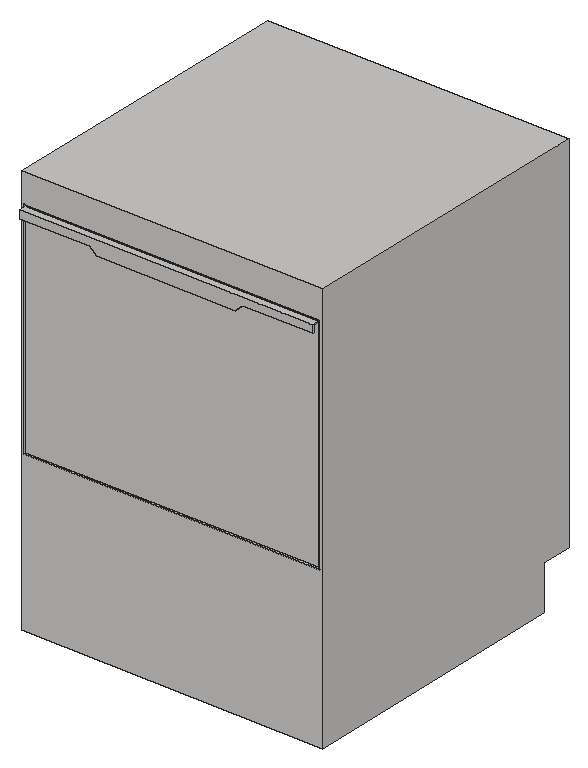
Revit family "QF_ELECTROLUXPROFESSIONAL_400203_EL1L", category Specialty Equipment, Revit 2018
Family settings
  Round Connector Dimension = Use Diameter
  Part Type = Normal
  Work Plane-Based = No
  Always vertical = Yes
  Cut with Voids When Loaded = No
  Shared = No
  Room Calculation Point = No
Parameters (values of type "Standard")
  Weight = 47.00 kg
  Watts = 0 W
  Volts = 230 V
  URL Manufacturer = "http://professional.electrolux.com"
  URL = "http://professional.electrolux.com"
  Steam Supply Size = 0 mm
  Steam Supply Minimum Pressure = 0.0 Pa
  Steam Supply Maximum Pressure = 0.0 Pa
  Steam Pounds per Hour = 0
  Show Logo [instance] = yes
  Show Clearance [instance] = yes
  Refrigeration Suction Line Size = 0 mm
  Refrigeration Liquid Line Size = 0 mm
  Refrigerant Compressor Remote = yes
  Manufacturer = "Electrolux Professional"
  Phase = 1
  Model = "EL1L"
  Length Actual = 600 mm  # constant formula
  Item Number = "400203"
  Hot Water Size = 19.05 mm
  Height Actual = 820 mm  # constant formula
  HP = "4.9 HP"
  Gas Size = 0 mm
  Gas KW = 0
  Gas Input Pressure = 0 W
  Direct Waste Size = 40 mm
  Description = "UNDERCOUNTER(L), 1PH, 316L BOILER, 540D/H"
  Depth Actual = 648 mm  # constant formula
  Cycle = 50 Hz
  Condensate Return Size = 0 mm
  Compressed Air Volume = 0.0 L/s
  Compressed Air Size = 0 mm
  Compressed Air Pressure = 0.0 Pa
  Cold Water Size = 0 mm
  Accessory = yes
Types (2, lengths in mm): name | URL | Manufacturer | Phase | Model | Hot Water Size | Description
  (no name) | "http://professional.electrolux.com/" | 0 | 0 | 0 | 0 | 0
  Standard | "http://professional.electrolux.com" | "Electrolux Professional" | 1 | "EL1L" | 19.05 | "UNDERCOUNTER(L), 1PH, 316L BOILER, 540D/H"
Values of the unnamed type that differ from the named types
  Volts = 0 V
  URL Manufacturer = ""
  Item Number = ""
  Cycle = 0 Hz
Reference planes
  plane 1 "Center (Front/Back)": y = 0
  plane 2: z = 0
  plane 3 "Center (Left/Right)": x = 0
  plane 4 "LEFT": x = -300
  plane 5 "RIGHT": x = 300
  plane 6 "FRONT": y = -306
  plane 7 "BACK": y = 306
  plane 8: x = -202.5
  plane 9: x = 202.5
  plane 10: z = 830
  plane 11: z = 10
Forms (mm)
  Extrusion 1, solid, material "QF_Finishes_Stainless Steel"
    sketch origin (0, 0, 0) x (1, 0, 0) y (0, 1, 0)
      loop
        line (-300, -306) -> (300, -306) -> (300, 245) -> (-300, 245) -> (-300, -306)
    from 10 to 830
  Extrusion 2, solid, material "QF_Finishes_Stainless Steel"
    sketch origin (0, 0, 0) x (1, 0, 0) y (0, 1, 0)
      loop
        line (-300, 245) -> (300, 245) -> (300, 306) -> (-300, 306) -> (-300, 245)
    from 100 to 830
  Extrusion 3, solid, material "QF_Finishes_Stainless Steel"
    sketch origin (0, 17.5, 0) x (1, 0, 0) y (0, 1, 0)
      loop
        circle (-254, 167.5) r 12.5
      loop
        circle (254, 167.5) r 12.5
      loop
        circle (-254, -263.5) r 12.5
      loop
        circle (254, -263.5) r 12.5
    from 0 to 10
  Extrusion 4, void
    sketch origin (-300, -306, 0) x (-1, 0, 0) y (0, 0, 1)
      loop
        line (-5, 773.217) -> (-595, 773.217) -> (-595, 327.335) -> (-5, 327.335) -> (-5, 773.217)
    from 0 to 30
  Extrusion 5, solid, material "QF_Finishes_Stainless Steel"
    sketch origin (-259, -389, 768) x (0, 0, -1) y (1, 0, 0)
      loop
        circle (693, 143) r 10
    from -634 to -695
  Extrusion 6, solid, material "QF_Door-Drawer Clearances", visible <- "Show Clearance", detail levels coarse
    sketch origin (-230, -282.5, 0) x (0, 1, 0) y (0, 0, -1)
      loop
        line (-23.5, -330.419) -> (-391.5, -330.419)
        arc (-391.5, -330.419) -> (-290.693, -619.855) -> (-23.5, -770) r 432.894
        line (-23.5, -770) -> (-23.5, -330.419)
    from 61.197 to -521.306
  Extrusion 7, solid, material "QF_Finishes_Stainless Steel"
    sketch origin (-315.481, -389, 738) x (0, 0, -1) y (1, 0, 0)
      loop
        circle (663, 252.481) r 8
    from -634 to -695
  Extrusion 8, solid, material "QF_Finishes_Stainless Steel"
    sketch origin (-230, -282.5, 0) x (0, 1, 0) y (0, 0, -1)
      loop
        line (-23.5, -330.419) -> (-23.5, -770) -> (1.5, -770) -> (1.5, -330.419) -> (-23.5, -330.419)
    from 61.197 to -521.306
  Extrusion 9, solid, material "QF_Finishes_Stainless Steel"
    sketch origin (-230, -297.5, 0) x (0, 1, 0) y (0, 0, -1)
      loop
        line (-8.5, -770) -> (-8.5, -767.514) -> (-21, -767.514) -> (-21, -741.25) -> (-23.5, -741.25) -> (-23.5, -770) -> (-8.5, -770)
    from 61.197 to -521.306
  Extrusion 10, void
    sketch origin (-230, -321, 770) x (0, 0, 1) y (1, 0, 0)
      loop
        line (-15.552, -61.197) -> (-15.552, 77.909) -> (-28.75, 91.107) -> (-28.75, -61.197) -> (-15.552, -61.197)
      loop
        line (-15.552, 521.197) -> (-28.75, 521.197) -> (-28.75, 368.893) -> (-15.552, 382.091) -> (-15.552, 521.197)
    from 0 to 2.5
  Extrusion 11, solid, material "QF_Finishes_Stainless Steel"
    sketch origin (-295.988, 885.897, 763.79) x (0, -1, 0) y (1, 0, 0)
      loop
        circle (611.5, 158) r 8
    from -663.79 to -673.79
Cuts and joins
  Extrusion 4 cuts Extrusion 1
  joined: Extrusion 1, Extrusion 2
  Extrusion 10 cuts Extrusion 8
  Extrusion 10 cuts Extrusion 9
Lines and regions (mm)
  Split face 1
    outline origin (-300, -306, 830) x (0, 0, -1) y (1, 0, 0)
      loop
        line (21.579, 283.75) -> (39.683, 283.75) -> (39.683, 316.25) -> (21.579, 316.25) -> (21.579, 283.75)
  Split face 2
    outline origin (-300, -306, 830) x (0, 0, -1) y (1, 0, 0)
      loop
        line (56.783, 595) -> (56.783, 600)
      loop
        arc (56.783, 412.5) -> (28.391, 440.891) -> (0, 412.5) r 28.391
  symbolic lines
    curve 1: line (-300, 306, 0) -> (300, 306, 0)
    curve 2: line (-300, -306, 0) -> (-300, 306, 0)
    curve 3: line (300, -306, 0) -> (-300, -306, 0)
    curve 4: line (300, 306, 0) -> (300, -306, 0)
    curve 9: line (-291.197, -306, 0) -> (-291.197, -321, 0)
    curve 10: line (291.306, -321, 0) -> (291.306, -306, 0)
    curve 11: line (-291.197, -321, 0) -> (291.306, -321, 0)
  symbolic lines, style "QF_Door-Drawer Clearances"
    curve 5: line (-291.197, -674, 0) -> (291.306, -674, 0)
    curve 6: line (291.306, -674, 0) -> (291.306, -306, 0)
    curve 7: line (-291.197, -674, 0) -> (-291.197, -306, 0)
  symbolic lines, style "SpecialityEquipmentHiddenLines"
    curve 8: line (-300, 245, 0) -> (300, 245, 0)
Dimensions and locks
  equal spacing: plane 4 "LEFT", plane 3 "Center (Left/Right)", plane 5 "RIGHT"
  equal spacing: plane 7 "BACK", plane 1 "Center (Front/Back)", plane 6 "FRONT"
  plane 7 "BACK" to plane 6 "FRONT" = 612 mm
  plane 4 "LEFT" to plane 5 "RIGHT" = 600 mm
  plane 4 "LEFT" to plane 8 = 97.5 mm
  plane 9 to plane 5 "RIGHT" = 97.5 mm
  plane 11 to level = 10 mm
  plane 4 "LEFT" to plane 3 "Center (Left/Right)" = 300 mm
  plane 10 to level = 830 mm  (x2)
  plane 8 to plane 9 = 405 mm
  Extrusion 11 sketch curve to plane 4 "LEFT" = 162.012 mm
  level to Extrusion 5 sketch curve = 75 mm
  Extrusion 5 sketch curve to plane 4 "LEFT" = 184 mm
  Extrusion 7 sketch curve to plane 4 "LEFT" = 237 mm
  level to Extrusion 7 sketch curve = 75 mm
  Extrusion 3 to cut or joined group of Extrusion 1, Extrusion 2, Extrusion 4 = 121 mm
  Extrusion 3 to Extrusion 3 = 431 mm
  plane 6 "FRONT" to Extrusion 3 = 60 mm
  plane 9 to plane 8 = 405 mm
  plane 7 "BACK" to curve 5 = 980 mm
  cut or joined group of Extrusion 1, Extrusion 2, Extrusion 4 to level = 327.335 mm
  aligned and locked: level to plane 2
  aligned and locked: Extrusion 1 sketch curve to plane 6 "FRONT"
  aligned and locked: Extrusion 1 sketch curve to plane 4 "LEFT"
  aligned and locked: plane 5 "RIGHT" to Extrusion 1 sketch curve
  aligned and locked: Extrusion 1 to plane 11
  aligned and locked: Extrusion 2 sketch curve to Extrusion 1
  aligned and locked: plane 5 "RIGHT" to Extrusion 2 sketch curve
  aligned and locked: plane 11 to Extrusion 3
  aligned and locked: cut or joined group of Extrusion 9, Extrusion 10 to Extrusion 10
Automatic sketch dimensions
  Extrusion 1 sketch curve to plane 7 "BACK" = 61 mm
  Extrusion 3 sketch curve to plane 8 = 51.5 mm  (x2)
  plane 9 to Extrusion 3 sketch curve = 51.5 mm  (x2)
  plane 6 "FRONT" to Extrusion 3 sketch curve = 60 mm  (x2)
  Extrusion 3 sketch curve to plane 7 "BACK" = 121 mm  (x2)
  Extrusion 4 sketch curve to Extrusion 1 = 5 mm  (x2)
  Extrusion 4 sketch curve to Extrusion 1 = 317.335 mm
  Extrusion 4 sketch curve to Extrusion 1 = 56.783 mm
  plane 6 "FRONT" to Extrusion 8 sketch curve = 0 mm
  Extrusion 8 sketch curve to Extrusion 8 sketch curve = 25 mm
  Extrusion 9 sketch curve to plane 6 "FRONT" = 15 mm
  Extrusion 9 sketch curve to Extrusion 9 sketch curve = 2.5 mm
  Extrusion 9 sketch curve to Extrusion 9 sketch curve = 12.5 mm
  Extrusion 9 sketch curve to plane 10 = 60 mm
  Extrusion 9 sketch curve to Extrusion 9 sketch curve = 2.486 mm
  Extrusion 9 sketch curve to Extrusion 9 sketch curve = 26.264 mm
  Extrusion 2 sketch curve to Extrusion 2 sketch curve = 61 mm
  Split face 1 sketch curve to cut or joined group of Extrusion 1, Extrusion 2, Extrusion 4 = 21.579 mm
  Split face 1 sketch curve to Split face 1 sketch curve = 18.104 mm
  Split face 1 sketch curve to cut or joined group of Extrusion 1, Extrusion 2, Extrusion 4 = 278.75 mm
  Split face 1 sketch curve to Split face 1 sketch curve = 32.5 mm
  plane 11 to Extrusion 8 sketch curve = 320.419 mm
  Extrusion 8 sketch curve to plane 10 = 60 mm
  Extrusion 10 sketch curve to Extrusion 9 = 0 mm  (x2)
  Extrusion 9 to Extrusion 10 sketch curve = 0 mm
  Extrusion 10 sketch curve to Extrusion 9 = 13.198 mm  (x2)
  Extrusion 10 sketch curve to Extrusion 9 = 139.107 mm
  Extrusion 10 sketch curve to Extrusion 10 sketch curve = 13.198 mm  (x2)
  Extrusion 10 sketch curve to Extrusion 9 = 152.413 mm
  Extrusion 10 sketch curve to Extrusion 9 = 0.109 mm
  curve 3 to plane 4 "LEFT" = 0 mm
  curve 7 to plane 6 "FRONT" = 0 mm
  curve 4 to plane 5 "RIGHT" = 0 mm
  curve 2 to plane 7 "BACK" = 0 mm
  plane 4 "LEFT" to curve 5 = 8.803 mm
  curve 5 to plane 5 "RIGHT" = 8.694 mm
  plane 4 "LEFT" to curve 11 = 8.803 mm
  curve 10 to plane 5 "RIGHT" = 8.694 mm
  curve 11 to plane 6 "FRONT" = 15 mm
  curve 8 to plane 7 "BACK" = 61 mm
  Extrusion 2 sketch curve to plane 7 "BACK" = 0 mm
  Split face 2 sketch curve to cut or joined group of Extrusion 1, Extrusion 2, Extrusion 4 = 0 mm  (x5)
  Split face 2 sketch curve to cut or joined group of Extrusion 1, Extrusion 2, Extrusion 4 = 182.5 mm
  Extrusion 11 sketch curve to plane 7 "BACK" = 31.603 mm
  Extrusion 6 sketch curve to plane 6 "FRONT" = 0 mm
  plane 6 "FRONT" to Extrusion 6 sketch curve = 64.74 mm
  plane 11 to Extrusion 6 sketch curve = 331.974 mm
  Extrusion 6 sketch curve to Extrusion 6 sketch curve = 11.555 mm
  Extrusion 6 sketch curve to plane 6 "FRONT" = 368 mm
  radius of Extrusion 5 sketch curve = 10 mm
  radius of Extrusion 7 sketch curve = 8 mm
  radius of Extrusion 3 sketch curve = 12.5 mm  (x4)
  radius of Extrusion 11 sketch curve = 8 mm
Connectors
  piping at (-116, 306, 75), diameter 20
    settings: on Extrusion 5, index 1, connector inside diameter 609.6 mm, connector length 0 mm, flow factor 0, pipe flow 0.0 L/s, pressure drop 0.0 Pa, fitting loss kfactor 0, connector angle 0.00°, fixture units 0, engagement length 0 mm, angle of deflection 0.00°, flow configuration 1, flow direction 1, fitting loss method 0, system type 16, joint type 0, gender type 0, connector reference index -1, connector utility 0, adjustable connector no, is connector primary yes, connector description "Drain"
  piping at (-63, 306, 75), diameter 16
    settings: on Extrusion 7, index 3, connector inside diameter 609.6 mm, connector length 0 mm, flow factor 0, pipe flow 0.0 L/s, pressure drop 0.0 Pa, fitting loss kfactor 0, connector angle 0.00°, fixture units 0, engagement length 0 mm, angle of deflection 0.00°, flow configuration 1, flow direction 1, fitting loss method 0, system type 20, joint type 0, gender type 0, connector reference index -1, connector utility 0, adjustable connector no, is connector primary no, connector description "Cold Water Inlet"
  electrical at (-137.988, 274.397, 90), driven by "Volts"
    settings: on Extrusion 11, index 4, voltage 230 V, apparent load 0 VA, apparent load phase1 0 VA, apparent load phase2 0 VA, apparent load phase3 0 VA, power factor 1, load classification "Altro", number of poles 1, system type 31, power factor state 1, is connector primary yes, connector utility no, sub classification motor no, connector description "Electrical Connection"
